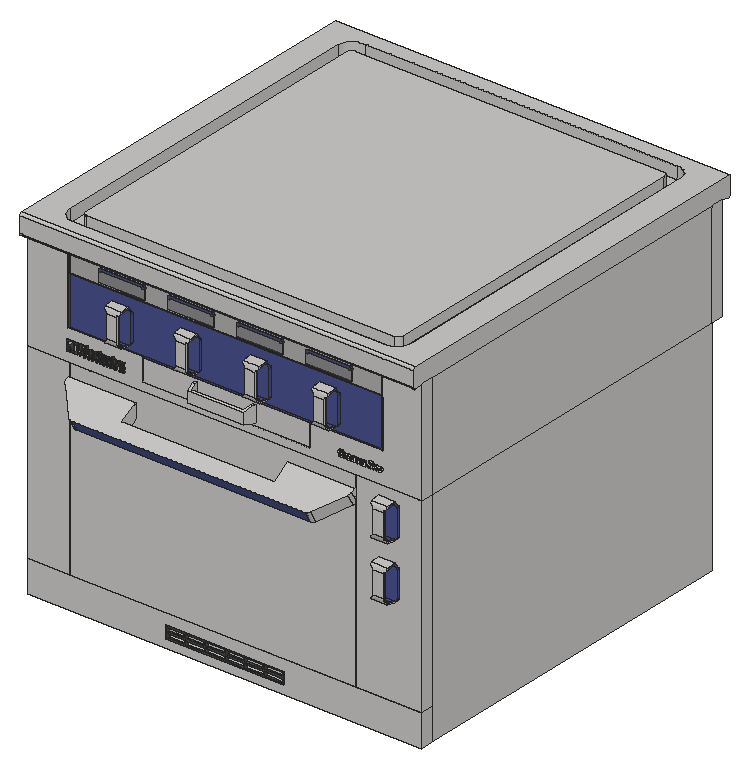
Revit family "QF_ELECTROLUXPROFESSIONAL_588423_MATGEAH8AO", category Attrezzature speciali, Revit 2020 (continued)
Definition of nested family "Front_Panel_W800_Four Knobs"
  Definition of nested family "ELX_Professional_Logo_Small"
    Forms (mm)
      Extrusion 2, solid, material <- "Material_Logo"
        sketch origin (15.5, 0, 0) x (1, 0, 0) y (0, 1, 0)
          loop
            spline (-24.446, 2.769) -> (-24.47, 3.075) -> (-24.54, 3.37) -> (-24.654, 3.65) -> (-24.807, 3.913) -> (-24.996, 4.156) -> (-25.219, 4.376) -> (-25.472, 4.57) -> (-25.753, 4.736) -> (-26.057, 4.869) -> (-26.382, 4.968) -> (-26.724, 5.03) -> (-27.081, 5.051)
            spline (-27.081, 5.051) -> (-27.464, 5.03) -> (-27.832, 4.97) -> (-28.183, 4.872) -> (-28.513, 4.74) -> (-28.819, 4.577) -> (-29.099, 4.384) -> (-29.347, 4.165) -> (-29.563, 3.923) -> (-29.742, 3.659) -> (-29.881, 3.377) -> (-29.977, 3.079) -> (-30.027, 2.769)
            line (-30.027, 2.769) -> (-24.446, 2.769)
          loop
            spline (-18.167, 1.669) -> (-18.138, 2.13) -> (-18.055, 2.567) -> (-17.921, 2.978) -> (-17.739, 3.358) -> (-17.512, 3.705) -> (-17.243, 4.016) -> (-16.937, 4.287) -> (-16.596, 4.517) -> (-16.223, 4.7) -> (-15.823, 4.835) -> (-15.398, 4.919) -> (-14.951, 4.947)
            spline (-14.951, 4.947) -> (-14.677, 4.938) -> (-14.414, 4.913) -> (-14.162, 4.871) -> (-13.921, 4.812) -> (-13.69, 4.738) -> (-13.467, 4.649) -> (-13.254, 4.544) -> (-13.048, 4.424) -> (-12.85, 4.291) -> (-12.659, 4.143) -> (-12.474, 3.981) -> (-12.295, 3.806)
            line (-12.295, 3.806) -> (-10.76, 5.403)
            spline (-10.76, 5.403) -> (-11.065, 5.709) -> (-11.38, 5.984) -> (-11.703, 6.228) -> (-12.035, 6.443) -> (-12.375, 6.63) -> (-12.723, 6.788) -> (-13.078, 6.92) -> (-13.44, 7.026) -> (-13.809, 7.107) -> (-14.184, 7.164) -> (-14.564, 7.198) -> (-14.951, 7.209)
            spline (-14.951, 7.209) -> (-15.725, 7.161) -> (-16.467, 7.02) -> (-17.169, 6.792) -> (-17.826, 6.482) -> (-18.43, 6.096) -> (-18.976, 5.637) -> (-19.455, 5.112) -> (-19.862, 4.525) -> (-20.19, 3.882) -> (-20.433, 3.189) -> (-20.584, 2.449) -> (-20.635, 1.669)
            spline (-20.635, 1.669) -> (-20.584, 0.889) -> (-20.433, 0.149) -> (-20.19, -0.545) -> (-19.862, -1.187) -> (-19.455, -1.774) -> (-18.976, -2.299) -> (-18.43, -2.758) -> (-17.826, -3.145) -> (-17.169, -3.454) -> (-16.467, -3.682) -> (-15.725, -3.823) -> (-14.951, -3.871)
            spline (-14.951, -3.871) -> (-14.564, -3.86) -> (-14.184, -3.826) -> (-13.809, -3.77) -> (-13.44, -3.689) -> (-13.078, -3.583) -> (-12.723, -3.451) -> (-12.375, -3.292) -> (-12.035, -3.105) -> (-11.703, -2.89) -> (-11.38, -2.646) -> (-11.065, -2.371) -> (-10.76, -2.066)
            line (-10.76, -2.066) -> (-12.295, -0.468)
            spline (-12.295, -0.468) -> (-12.474, -0.643) -> (-12.659, -0.805) -> (-12.85, -0.953) -> (-13.048, -1.087) -> (-13.254, -1.206) -> (-13.467, -1.311) -> (-13.69, -1.4) -> (-13.921, -1.475) -> (-14.162, -1.533) -> (-14.414, -1.575) -> (-14.677, -1.6) -> (-14.951, -1.609)
            spline (-14.951, -1.609) -> (-15.398, -1.581) -> (-15.823, -1.497) -> (-16.223, -1.362) -> (-16.596, -1.179) -> (-16.937, -0.95) -> (-17.243, -0.678) -> (-17.512, -0.367) -> (-17.739, -0.02) -> (-17.921, 0.36) -> (-18.055, 0.771) -> (-18.138, 1.208) -> (-18.167, 1.669)
          loop
            spline (-4.441, -1.243) -> (-4.659, -1.247) -> (-4.894, -1.23) -> (-5.137, -1.19) -> (-5.384, -1.121) -> (-5.628, -1.021) -> (-5.864, -0.884) -> (-6.084, -0.708) -> (-6.283, -0.488) -> (-6.454, -0.219) -> (-6.592, 0.101) -> (-6.69, 0.478) -> (-6.742, 0.914)
            line (-6.742, 0.914) -> (-6.742, 4.587) -> (-4.487, 4.587) -> (-4.487, 6.838) -> (-6.738, 6.838) -> (-6.738, 10.824) -> (-9.217, 10.824) -> (-9.217, 0.773)
            spline (-9.217, 0.773) -> (-9.164, 0.19) -> (-9.068, -0.358) -> (-8.928, -0.87) -> (-8.742, -1.343) -> (-8.511, -1.777) -> (-8.232, -2.168) -> (-7.904, -2.515) -> (-7.527, -2.816) -> (-7.098, -3.069) -> (-6.618, -3.273) -> (-6.084, -3.426) -> (-5.496, -3.525)
            line (-5.496, -3.525) -> (-4.45, -3.573) -> (-4.441, -1.243)
          loop
            spline (3.898, 6.983) -> (3.469, 7.009) -> (3.056, 7.001) -> (2.661, 6.961) -> (2.283, 6.888) -> (1.925, 6.785) -> (1.588, 6.652) -> (1.272, 6.49) -> (0.979, 6.301) -> (0.71, 6.085) -> (0.465, 5.844) -> (0.247, 5.578) -> (0.056, 5.289)
            line (0.056, 5.289) -> (0.056, 6.838) -> (-2.402, 6.838) -> (-2.402, -3.572) -> (0.056, -3.572) -> (0.056, 1.901)
            spline (0.056, 1.901) -> (0.079, 2.316) -> (0.145, 2.703) -> (0.254, 3.06) -> (0.404, 3.386) -> (0.592, 3.679) -> (0.818, 3.938) -> (1.08, 4.162) -> (1.375, 4.348) -> (1.703, 4.495) -> (2.062, 4.602) -> (2.45, 4.668) -> (2.865, 4.69)
            line (2.865, 4.69) -> (3.898, 4.586) -> (3.898, 6.983)
          loop
            spline (15.638, 1.633) -> (15.586, 2.396) -> (15.435, 3.124) -> (15.192, 3.81) -> (14.863, 4.449) -> (14.455, 5.034) -> (13.975, 5.56) -> (13.43, 6.021) -> (12.826, 6.411) -> (12.17, 6.724) -> (11.469, 6.955) -> (10.729, 7.098) -> (9.958, 7.147)
            spline (9.958, 7.147) -> (9.182, 7.098) -> (8.44, 6.955) -> (7.737, 6.724) -> (7.081, 6.411) -> (6.477, 6.021) -> (5.933, 5.56) -> (5.454, 5.034) -> (5.048, 4.449) -> (4.721, 3.81) -> (4.479, 3.124) -> (4.329, 2.396) -> (4.277, 1.633)
            spline (4.277, 1.633) -> (4.329, 0.869) -> (4.479, 0.141) -> (4.721, -0.544) -> (5.048, -1.183) -> (5.454, -1.768) -> (5.933, -2.294) -> (6.477, -2.755) -> (7.081, -3.145) -> (7.737, -3.459) -> (8.44, -3.69) -> (9.182, -3.833) -> (9.958, -3.882)
            spline (9.958, -3.882) -> (10.729, -3.833) -> (11.469, -3.69) -> (12.17, -3.459) -> (12.826, -3.145) -> (13.43, -2.755) -> (13.975, -2.294) -> (14.455, -1.768) -> (14.863, -1.183) -> (15.192, -0.544) -> (15.435, 0.141) -> (15.586, 0.869) -> (15.638, 1.633)
          loop
            spline (13.18, 1.633) -> (13.151, 2.083) -> (13.067, 2.513) -> (12.932, 2.918) -> (12.748, 3.296) -> (12.52, 3.642) -> (12.251, 3.954) -> (11.943, 4.227) -> (11.601, 4.459) -> (11.228, 4.645) -> (10.828, 4.782) -> (10.403, 4.867) -> (9.958, 4.896)
            spline (9.958, 4.896) -> (9.509, 4.867) -> (9.081, 4.782) -> (8.679, 4.645) -> (8.306, 4.459) -> (7.964, 4.227) -> (7.658, 3.954) -> (7.39, 3.642) -> (7.163, 3.296) -> (6.981, 2.918) -> (6.847, 2.513) -> (6.765, 2.083) -> (6.736, 1.633)
            spline (6.736, 1.633) -> (6.765, 1.182) -> (6.847, 0.753) -> (6.981, 0.347) -> (7.163, -0.031) -> (7.39, -0.377) -> (7.658, -0.689) -> (7.964, -0.962) -> (8.306, -1.193) -> (8.679, -1.38) -> (9.081, -1.517) -> (9.509, -1.602) -> (9.958, -1.631)
            spline (9.958, -1.631) -> (10.403, -1.602) -> (10.828, -1.517) -> (11.228, -1.38) -> (11.601, -1.193) -> (11.943, -0.962) -> (12.251, -0.689) -> (12.52, -0.377) -> (12.748, -0.031) -> (12.932, 0.347) -> (13.067, 0.753) -> (13.151, 1.182) -> (13.18, 1.633)
          loop
            line (17.162, 4.269) -> (17.162, -3.573) -> (19.642, -3.573) -> (19.642, 10.824) -> (17.162, 10.824) -> (17.162, 4.269)
          loop
            line (28.581, 6.838) -> (28.581, 0.786)
            spline (28.581, 0.786) -> (28.561, 0.393) -> (28.503, 0.038) -> (28.409, -0.279) -> (28.281, -0.559) -> (28.122, -0.802) -> (27.933, -1.011) -> (27.717, -1.185) -> (27.476, -1.325) -> (27.213, -1.433) -> (26.929, -1.509) -> (26.626, -1.554) -> (26.308, -1.569)
            spline (26.308, -1.569) -> (25.99, -1.554) -> (25.688, -1.509) -> (25.404, -1.434) -> (25.141, -1.326) -> (24.9, -1.187) -> (24.684, -1.014) -> (24.496, -0.807) -> (24.336, -0.565) -> (24.209, -0.288) -> (24.115, 0.026) -> (24.057, 0.376) -> (24.037, 0.765)
            line (24.037, 0.765) -> (24.037, 6.838) -> (21.537, 6.838) -> (21.537, 0.558)
            spline (21.537, 0.558) -> (21.581, -0.153) -> (21.71, -0.8) -> (21.916, -1.384) -> (22.195, -1.904) -> (22.54, -2.362) -> (22.944, -2.757) -> (23.403, -3.09) -> (23.909, -3.362) -> (24.456, -3.572) -> (25.04, -3.722) -> (25.652, -3.811) -> (26.288, -3.841)
            spline (26.288, -3.841) -> (26.929, -3.811) -> (27.547, -3.72) -> (28.135, -3.568) -> (28.687, -3.355) -> (29.197, -3.079) -> (29.66, -2.741) -> (30.068, -2.341) -> (30.415, -1.877) -> (30.696, -1.349) -> (30.905, -0.757) -> (31.034, -0.101) -> (31.079, 0.621)
            line (31.079, 0.621) -> (31.079, 6.838) -> (28.581, 6.838)
          loop
            line (40.457, -0.243) -> (38.894, 1.942) -> (40.83, 4.579) -> (42.488, 6.837) -> (39.782, 6.837) -> (37.53, 3.719) -> (35.258, 6.837) -> (32.573, 6.837) -> (34.113, 4.731) -> (36.167, 1.922) -> (34.014, -1.076) -> (32.222, -3.573) -> (34.887, -3.573) -> (37.53, 0.104) -> (40.174, -3.573) -> (42.839, -3.573) -> (40.457, -0.243)
          loop
            line (-46.121, -5.837) -> (-48.039, -5.837) -> (-48.039, -10.814) -> (-47.016, -10.814) -> (-47.016, -9.128) -> (-46.121, -9.128)
            arc (-46.121, -9.128) -> (-44.476, -7.482) -> (-46.121, -5.837) r 1.645
          loop
            line (-46.163, -6.778) -> (-47.016, -6.778) -> (-47.016, -8.187) -> (-46.163, -8.187)
            arc (-46.163, -8.187) -> (-45.458, -7.482) -> (-46.163, -6.778) r 0.704
          loop
            line (-38.313, -5.837) -> (-40.265, -5.837) -> (-40.265, -10.814) -> (-39.241, -10.814) -> (-39.241, -9.1) -> (-38.46, -9.182) -> (-37.48, -10.814) -> (-36.318, -10.814) -> (-37.513, -8.848)
            arc (-37.513, -8.848) -> (-36.888, -8.266) -> (-36.671, -7.441) r 1.536
            arc (-36.671, -7.441) -> (-37.165, -6.305) -> (-38.313, -5.837) r 1.643
          loop
            arc (-38.402, -8.166) -> (-37.707, -7.505) -> (-38.334, -6.778) r 0.696
            line (-38.334, -6.778) -> (-39.241, -6.778) -> (-39.241, -8.166) -> (-38.402, -8.166)
          loop
            circle (-29.965, -8.325) r 2.585
          loop
            circle (-29.965, -8.325) r 1.64
          loop
            line (-23.1, -5.837) -> (-23.1, -10.814) -> (-22.076, -10.814) -> (-22.076, -8.768) -> (-20.204, -8.768) -> (-20.204, -7.828) -> (-22.076, -7.828) -> (-22.076, -6.778) -> (-20.024, -6.778) -> (-20.024, -5.837) -> (-23.1, -5.837)
          loop
            line (-15.802, -5.837) -> (-15.802, -9.2)
            arc (-15.802, -9.2) -> (-15.343, -10.34) -> (-14.209, -10.814) r 1.593
            line (-14.209, -10.814) -> (-12.602, -10.814) -> (-12.602, -10.027) -> (-14.004, -10.027)
            arc (-14.004, -10.027) -> (-14.552, -9.8) -> (-14.779, -9.252) r 0.775
            line (-14.779, -9.252) -> (-14.779, -8.424) -> (-12.789, -8.424) -> (-12.789, -7.642) -> (-14.779, -7.642) -> (-14.779, -6.778) -> (-12.651, -6.778) -> (-12.651, -5.837) -> (-15.802, -5.837)
          loop
            line (-5.909, -7.143) -> (-5.173, -6.638)
            arc (-5.173, -6.638) -> (-5.855, -5.974) -> (-6.781, -5.755) r 1.782
            arc (-6.781, -5.755) -> (-7.397, -5.878) -> (-7.944, -6.189) r 1.974
            arc (-7.944, -6.189) -> (-8.202, -6.5) -> (-8.317, -6.888) r 1.013
            arc (-8.317, -6.888) -> (-8.306, -7.341) -> (-8.192, -7.78) r 1.985
            arc (-8.192, -7.78) -> (-7.749, -8.259) -> (-7.171, -8.563) r 1.928
            arc (-7.171, -8.563) -> (-6.637, -8.779) -> (-6.131, -9.056) r 5.041
            arc (-6.131, -9.056) -> (-5.934, -9.387) -> (-6.09, -9.74) r 0.42
            arc (-6.09, -9.74) -> (-6.631, -9.96) -> (-7.204, -9.845) r 1.016
            arc (-7.204, -9.845) -> (-7.625, -9.603) -> (-7.889, -9.196) r 1.033
            line (-7.889, -9.196) -> (-8.67, -9.686)
            arc (-8.67, -9.686) -> (-8.361, -10.198) -> (-7.908, -10.589) r 1.914
            arc (-7.908, -10.589) -> (-7.334, -10.834) -> (-6.714, -10.896) r 2.063
            arc (-6.714, -10.896) -> (-5.947, -10.743) -> (-5.256, -10.376) r 2.696
            arc (-5.256, -10.376) -> (-4.95, -9.565) -> (-5.108, -8.712) r 1.618
            arc (-5.108, -8.712) -> (-5.448, -8.319) -> (-5.884, -8.035) r 1.876
            arc (-5.884, -8.035) -> (-6.434, -7.789) -> (-6.999, -7.577) r 9.883
            arc (-6.999, -7.577) -> (-7.325, -7.07) -> (-6.854, -6.694) r 0.45
            arc (-6.854, -6.694) -> (-6.329, -6.809) -> (-5.909, -7.143) r 1.197
          loop
            line (1.61, -7.143) -> (2.345, -6.638)
            arc (2.345, -6.638) -> (1.663, -5.974) -> (0.737, -5.755) r 1.782
            arc (0.737, -5.755) -> (0.121, -5.878) -> (-0.425, -6.189) r 1.974
            arc (-0.425, -6.189) -> (-0.683, -6.5) -> (-0.799, -6.888) r 1.013
            arc (-0.799, -6.888) -> (-0.788, -7.341) -> (-0.674, -7.78) r 1.985
            arc (-0.674, -7.78) -> (-0.231, -8.259) -> (0.347, -8.563) r 1.928
            arc (0.347, -8.563) -> (0.881, -8.779) -> (1.387, -9.056) r 5.041
            arc (1.387, -9.056) -> (1.584, -9.387) -> (1.428, -9.74) r 0.42
            arc (1.428, -9.74) -> (0.887, -9.96) -> (0.314, -9.845) r 1.016
            arc (0.314, -9.845) -> (-0.107, -9.603) -> (-0.371, -9.196) r 1.033
            line (-0.371, -9.196) -> (-1.152, -9.686)
            arc (-1.152, -9.686) -> (-0.842, -10.198) -> (-0.39, -10.589) r 1.914
            arc (-0.39, -10.589) -> (0.184, -10.834) -> (0.804, -10.896) r 2.063
            arc (0.804, -10.896) -> (1.572, -10.743) -> (2.263, -10.376) r 2.696
            arc (2.263, -10.376) -> (2.568, -9.565) -> (2.411, -8.712) r 1.618
            arc (2.411, -8.712) -> (2.07, -8.319) -> (1.635, -8.035) r 1.876
            arc (1.635, -8.035) -> (1.084, -7.789) -> (0.519, -7.577) r 9.883
            arc (0.519, -7.577) -> (0.193, -7.07) -> (0.665, -6.694) r 0.45
            arc (0.665, -6.694) -> (1.189, -6.809) -> (1.61, -7.143) r 1.197
          loop
            line (6.801, -5.837) -> (6.801, -10.814) -> (7.825, -10.814) -> (7.825, -5.837) -> (6.801, -5.837)
          loop
            circle (14.724, -8.325) r 1.548
          loop
            circle (14.724, -8.325) r 2.585
          loop
            line (21.59, -10.814) -> (22.623, -10.814) -> (22.623, -7.685) -> (24.9, -10.814) -> (25.895, -10.814) -> (25.895, -5.837) -> (24.861, -5.837) -> (24.861, -9.061) -> (22.585, -5.837) -> (21.59, -5.837) -> (21.59, -10.814)
          loop
            line (31.054, -10.814) -> (31.539, -9.74) -> (33.38, -9.74) -> (33.865, -10.814) -> (34.965, -10.814) -> (32.46, -5.837) -> (29.956, -10.814) -> (31.054, -10.814)
          loop
            line (32.46, -7.698) -> (31.999, -8.719) -> (32.921, -8.719) -> (32.46, -7.698)
          loop
            line (40.047, -9.873) -> (40.047, -5.837) -> (39.024, -5.837) -> (39.024, -10.814) -> (41.961, -10.814) -> (41.961, -9.873) -> (40.047, -9.873)
          loop
            line (-74.986, -10.814) -> (-53.322, -10.814) -> (-53.322, 10.82) -> (-74.986, 10.82) -> (-74.986, -10.814)
          loop
            line (-61.261, 9.758) -> (-61.261, -9.707)
            arc (-61.261, -9.707) -> (-54.066, 0.025) -> (-61.261, 9.758) r 10.18
          loop
            line (-62.251, 8.349) -> (-62.251, 9.758)
            arc (-62.251, 9.758) -> (-70.347, 7.918) -> (-74.247, 0.59) r 9.976
            line (-74.247, 0.59) -> (-71.026, 0.59)
            arc (-71.026, 0.59) -> (-65.274, 2.925) -> (-62.251, 8.349) r 9.351
          loop
            arc (-74.247, -0.539) -> (-70.353, -7.928) -> (-62.251, -9.957) r 10.237
            line (-62.251, -9.957) -> (-62.251, -8.298)
            arc (-62.251, -8.298) -> (-65.274, -2.874) -> (-71.026, -0.539) r 9.351
            line (-71.026, -0.539) -> (-74.247, -0.539)
        from 0 to 1.644
    Dimensions and locks
      aligned and locked: plane 2 to Extrusion 1
      aligned and locked: level to Extrusion 1
